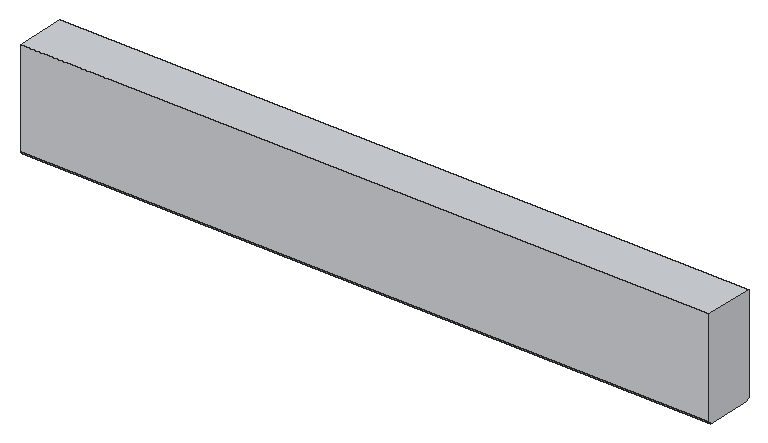
Revit family "RB bjælker Spæncom", category Structural Framing, Revit 2014
Parameters (values of type "RB18/36")
  Structural Material [instance] = none
  Model = "RB18/36"
  Manufacturer = "Spæncom"
  Length [instance] = 3000 mm
  Width element = 180 mm
  Height element = 360 mm
Types (28, lengths in mm): name | Model | Width element | Height element
  RB18/36 | "RB18/36" | 180 | 360
  RB18/42 | "RB18/42" | 180 | 420
  RB18/48 | "RB18/48" | 180 | 480
  RB18/54 | "RB18/54" | 180 | 540
  RB24/48 | "RB24/48" | 240 | 480
  RB24/54 | "RB24/54" | 240 | 540
  RB24/60 | "RB24/60" | 240 | 600
  RB24/66 | "RB24/66" | 240 | 660
  RB30/60 | "RB30/60" | 300 | 600
  RB30/66 | "RB30/66" | 300 | 660
  RB30/72 | "RB30/72" | 300 | 720
  RB36/60 | "RB36/60" | 360 | 600
  RB36/66 | "RB36/66" | 360 | 660
  RB36/72 | "RB36/72" | 360 | 720
  RB36/84 | "RB36/84" | 360 | 840
  RB36/110 | "RB36/110" | 360 | 1100
  RB42/60 | "RB42/60" | 420 | 600
  RB42/66 | "RB42/66" | 420 | 660
  RB42/72 | "RB42/72" | 420 | 720
  RB42/84 | "RB42/84" | 420 | 840
  RB42/110 | "RB42/110" | 420 | 1100
  RB42/140 | "RB42/140" | 420 | 1400
  RB50/60 | "RB50/60" | 500 | 600
  RB50/66 | "RB50/66" | 500 | 660
  RB50/72 | "RB50/72" | 500 | 720
  RB50/84 | "RB50/84" | 500 | 840
  RB50/110 | "RB50/110" | 500 | 1100
  RB50/140 | "RB50/140" | 500 | 1400
Reference planes
  plane 1 "Center (Front/Back)": y = 0
  plane 2 "Center Elevation": z = 0
  plane 3 "Center (Left/Right)": x = 0
  plane 4 "Left": x = -1500
  plane 5 "Member Left": x = -1250
  plane 6 "Stick Symbol Left": x = -1000
  plane 7 "Right": x = 1500
  plane 8 "Member Right": x = 1250
  plane 9 "Stick Symbol Right": x = 1000
  plane 10: z = -5
  plane 11: y = -90
  plane 12: y = 90
  plane 13: z = -180
  plane 14: z = 180
Forms (mm)
  Extrusion 1, solid, material <- "Structural Material"
    sketch origin (0, 0, 145) x (0, 1, 0) y (0, 0, 1)
      loop
        line (80, -325) -> (90, -315) -> (90, 35) -> (-90, 35) -> (-90, -315) -> (-80, -325) -> (80, -325)
    from -1250 to 1250
Lines and regions (mm)
  model lines, style "Stick Symbols", detail levels coarse
    curve 1: line (-1000, 0, 0) -> (1000, 0, 0)
Dimensions and locks
  equal spacing: plane 4 "Left", plane 3 "Center (Left/Right)", plane 7 "Right"
  "Length": plane 4 "Left" to plane 7 "Right"
  equal spacing: plane 11, plane 1 "Center (Front/Back)", plane 12
  "Width element": plane 11 to plane 12
  equal spacing: plane 14, plane 2 "Center Elevation", plane 13
  "Height element": plane 14 to plane 13
  aligned and locked: plane 1 "Center (Front/Back)" to curve 1
  aligned and locked: plane 6 "Stick Symbol Left" to curve 1
  aligned and locked: plane 9 "Stick Symbol Right" to curve 1
  aligned and locked: level to plane 2 "Center Elevation"
  aligned and locked: plane 5 "Member Left" to Extrusion 1
  aligned and locked: Extrusion 1 to plane 8 "Member Right"
  aligned and locked: plane 14 to Extrusion 1
  aligned and locked: plane 11 to Extrusion 1
  aligned and locked: plane 12 to Extrusion 1
  aligned and locked: plane 13 to Extrusion 1
Automatic sketch dimensions
  Extrusion 1 sketch curve to plane 11 = 0 mm
  Extrusion 1 sketch curve to plane 11 = 10 mm
  Extrusion 1 sketch curve to plane 14 = 0 mm
  Extrusion 1 sketch curve to plane 13 = 0 mm
  plane 13 to Extrusion 1 sketch curve = 10 mm  (x2)
  Extrusion 1 sketch curve to plane 12 = 0 mm
  plane 12 to Extrusion 1 sketch curve = 10 mm
